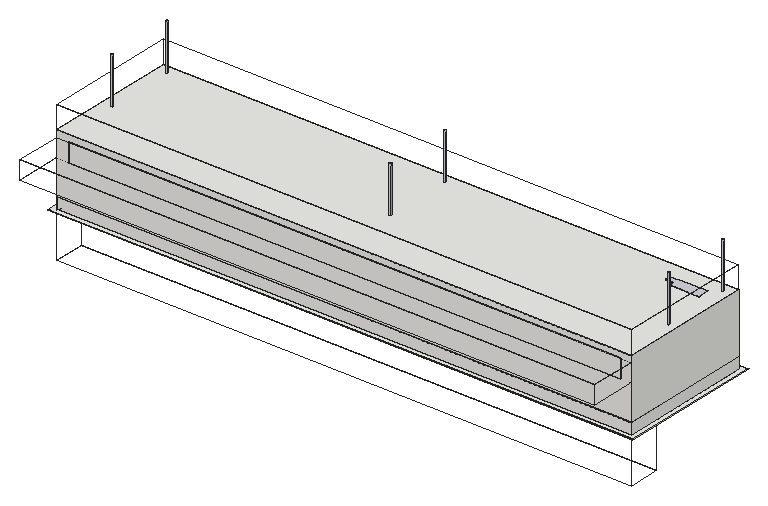
Revit family "AIRTECNICS_AIR CURTAIN_RECESSED DAM_AIR ONLY (A)123", category Mechanical Equipment, Revit 2016
Family settings
  Part Type = Normal
  Round Connector Dimension = Use Diameter
  OmniClass Number = 23.75.70.21.17
  OmniClass Title = Air Curtains
  Work Plane-Based = No
  Always vertical = Yes
  Cut with Voids When Loaded = No
  Shared = No
  Room Calculation Point = No
Parameters (values of type "RDAM ECM 2500 A")
  · OTHERS · [instance] = "-/ Select Supports - Inst.Maint. Space /-"  # constant formula
  · HEATING · [instance] = "-/ Heating /-"  # constant formula
  Weight [instance] = size_lookup(Name_Lookup_Data, "Weight", 1.00 kg, CM, CT)  # 93.00 kg
  Voltage [instance] = 230 V  # constant formula
  URL_Manufacturer = "https://www.airtecnics.com"
  URL_Datasheet = "https://www.airtecnics.com/download/file/1944/recessed-dam.pdf"
  Supports Length [instance] = 200.0 mm
  Supports (Horizontal) [instance] = yes
  Revit Version = "Revit 2016 - English"  # constant formula
  Review Date = "11/18"  # constant formula
  Remote Control = "IR-AIR"  # constant formula
  Product Size = if(CT = 2, "1000", if(CT = 4, "1500", if(CT = 8, "2000", if(CT = 16, "2500", "Consult Manufacturer"))))  # "2500"
  Product Reference [instance] = size_lookup(Name_Lookup_Ref, "", "Consult Manufacturer", CM, CT)  # "RDAM ECM 2500 A"
  Product Heating [instance] = "Air"  # constant formula
  Product Description [instance] = size_lookup(Name_Lookup_Data, "", "Consult Manufacturer", CM, CT)  # "Compact and low profile recessed air curtain with full grille view.\r\nSelf-supporting casing construction made of galvanized steel plate, ready to be installed recessed in a false ceiling. \r\nInlet grille (free of maintenance) made with aluminium profiles and blow-out nozzle, integrated in a single white frame colour RAL 9016. Other colours are available on request. \r\nDouble-inlet centrifugal fans driven by an external rotor motor and low noise level. 5-speed selector. EC models assembled with very low consumption efficiency fans. \r\n“A” type without heating, air only. \r\nIncludes Plug&Play control with 7m RJ45 cable and infrared remote control. Optional: Clever control (programmable, automatic, intelligent, energy saving, Modbus RTU for BMS…)\r\nAir Volume: 4600 m3/h \r\nFans:  0,355 kW  3,1 A 230Vx1 50/60Hz\r\nDimensions: 627x310x2548 mm (depth, height, length)"
  Power Fans Factor [instance] = size_lookup(Name_Lookup_Data, "Power Fans Factor", 1, CM, CT)  # 0.5
  Power Fans [instance] = size_lookup(Name_Lookup_Data, "Power Fans", 1 kW, CM, CT)  # 0.355 kW
  Noise Level (dB(A)) [instance] = size_lookup(Name_Lookup_Data, "Noise Level (dB(A))", 1, CM, CT)  # 59
  Name_Lookup_Ref = "R_DAM_(A)_Ref_Lookup"  # constant formula
  Name_Lookup_Data = "R_DAM_(A)_Data_Lookup"  # constant formula
  Material Curtain [instance] = AIRTECNICS_White RAL 9016
  M = yes
  Length = L + 48.0 mm + Depth - Depth  # 2548.0 mm
  IfcExportType = "CENTRIFUGALFORWARDCURVED"  # constant formula
  IfcExportAs = "IfcFanType"  # constant formula
  Height = 310.0 mm  # constant formula
  G = no
  Frequency = 50 Hz  # constant formula
  Fans Stage = 5  # constant formula
  Family Version = "1.0"  # constant formula
  EC = yes
  Depth = 627.0 mm  # constant formula
  Current Fans [instance] = size_lookup(Name_Lookup_Data, "Current Fans", 1 A, CM, CT)  # 3.1 A
  Created by = "BIMETRICAL"  # constant formula
  Control [instance] = "CA-5AW-IR"  # constant formula
  Cable = "CB7"  # constant formula
  URL = "https://www.airtecnics.com/products/air-curtain-recessed-dam"
  Model = "Air curtain Recessed DAM A"  # constant formula
  L = 2500.0 mm
  Type Image = <None>
  Manufacturer = "AIRTECNICS"  # constant formula
  Description = ""
  Type Comments = "Compact and low profile recessed air curtain with full grille view. Self-supporting casing construction made of galvanized steel plate, ready to be installed recessed in a false ceiling.\r\nInlet grille (free of maintenance) made with aluminium profiles and blow-out nozzle, integrated in a single white frame colour RAL 9016. Other colours are available on request.\r\nDouble-inlet centrifugal fans driven by an external rotor motor and low noise level. 5-speed selector. EC models assembled with very low consumption efficiency fans.\r\n“P” type with water heated coil. “E” type with electrical shielded elements, three stages with integrated regulation. “A” type without heating, air only. Optional expansion DX coil.\r\nIncludes Plug&Play control with 7m RJ45 cable and infrared remote control. Optional: Clever control (programmable, automatic, intelligent, energy saving, Modbus RTU for BMS…)\r\n"  # constant formula
  CT = if(L = 1000.0 mm, 2, 0) + if(L = 1500.0 mm, 4, 0) + if(L = 2000.0 mm, 8, 0) + if(L = 2500.0 mm, 16, 0)  # 16
  CM = if(M, 2, 0) + if(EC, 4, 0) + if(G, 8, 0)  # 6
  BIMETRICAL Category = "Fan"  # constant formula
  BIMETRICAL = "http://www.bimetrical.com/"  # constant formula
  Aspiration/Maintenance Space [instance] = yes
  Apparent Load [instance] = size_lookup(Name_Lookup_Data, "Apparent Load", 1 VA, CM, CT)  # 710 VA
  Airflow [instance] = size_lookup(Name_Lookup_Data, "Airflow", 1 m³/h, CM, CT)  # 4600 m³/h
  A [instance] = 1 = 1  # yes
Reference planes
  plane 1 "Centro (Frontal/Posterior)": z = 0
  plane 2: y = 246.57
  plane 3 "Centro (Izquierda/Derecha)": x = 0
Nested families
  nested 1: "GEOM_RECESSED DAM_(A-E-P)" at (0, 246.57, -2) x (-1, 0, 0) z (0, 0, 1), type "BASE"
    with VAMP4 no, VAMP1 no, P4 no, P3 no, P2 yes, P1 no, C_P 2, C_L 8, CH_4 398.5 mm, CH_3 218.8 mm, CH_2 100.5 mm, CH_1 91.2 mm, CC_4 431.5 mm, CC_3 33.0 mm, CC_2 138.5 mm, CC_1 277.2 mm, AH 90.00°, AC 90.00°
Connectors
  electrical at (1069.129, 446.424, 309), driven by "Voltage", driven by "Apparent Load", driven by "Power Fans Factor"
    settings: on nested 1, index 1, voltage 230 V, apparent load 710 VA, apparent load phase1 0 VA, apparent load phase2 0 VA, apparent load phase3 0 VA, power factor 0.5, load classification "HVAC", number of poles 1, system type 30, power factor state 1, is connector primary yes, connector utility no, sub classification motor no, connector description ""
Definition of nested family "GEOM_RECESSED DAM_(A-E-P)"
  Parameters (values of type "BASE")
    VSUP2 = if(and(Supports Length > 0.0 mm, L > 1000.0 mm, [Supports (Horizontal)]), 1 = 1, 1 = 0)  # yes
    VSUP1 = if(and(Supports Length > 0.0 mm, [Supports (Horizontal)]), 1 = 1, 1 = 0)  # yes
    VAMP4 [instance] = if(and(P, P4, [Aspiration/Maintenance Space]), 1 = 1, 1 = 0)  # no
    VAMP1 [instance] = if(and(P, P1, [Aspiration/Maintenance Space]), 1 = 1, 1 = 0)  # no
    Supports Length = 200.0 mm
    Supports (Horizontal) = yes
    Revit Version = "Revit 2016 - English"  # constant formula
    Review Date = "11/2018"  # constant formula
    P4 [instance] = no
    P3 [instance] = no
    P2 [instance] = not(or(P1, P3, P4))  # yes
    P1 [instance] = no
    P = yes
    Name_CH = "CH_Dimensions_Lookup"  # constant formula
    Name_CC = "CC_Dimensions_Lookup"  # constant formula
    N = if(L = 1000.0 mm, 5, if(L = 1500.0 mm, 7, if(L = 2000.0 mm, 9, 11)))  # 11
    Model = "RECESSED DAM"  # constant formula
    Material Curtain = none
    Manufacturer = "AIRTECNICS"  # constant formula
    L_sup = if(Supports Length = 0.0 mm, 1.0 mm, Supports Length)  # 200.0 mm
    L3 = if(L = 1000.0 mm, 227.0 mm, if(L = 1500.0 mm, 234.8 mm, if(L = 2000.0 mm, 238.5 mm, 240.8 mm)))  # 240.8 mm
    L2 = if(L = 1000.0 mm, 51.75 mm, if(L = 1500.0 mm, 46.75 mm, if(L = 2000.0 mm, 40.0 mm, 49.5 mm)))  # 49.5 mm
    L1 = L + 48.0 mm  # 2548.0 mm
    L = 2500.0 mm
    Family Version = "1.0"  # constant formula
    D_Con = 20.00 mm
    Created by = "BIMETRICAL"  # constant formula
    C_P [instance] = if(P1, 1, 0) + if(P2, 2, 0) + if(P3, 4, 0) + if(P4, 8, 0)  # 2
    C_L [instance] = if(L = 1500.0 mm, 2, 0) + if(L = 2000.0 mm, 4, 0) + if(L = 2500.0 mm, 8, 0)  # 8
    CH_4 [instance] = size_lookup(Name_CH, "CH_4", 398.5 mm, C_L, C_P)  # 398.5 mm
    CH_3 [instance] = size_lookup(Name_CH, "CH_3", 218.8 mm, C_L, C_P)  # 218.8 mm
    CH_2 [instance] = size_lookup(Name_CH, "CH_2", 100.5 mm, C_L, C_P)  # 100.5 mm
    CH_1 [instance] = size_lookup(Name_CH, "CH_1", 91.2 mm, C_L, C_P)  # 91.2 mm
    CC_4 [instance] = size_lookup(Name_CC, "CC_4", 431.5 mm, C_L, C_P)  # 431.5 mm
    CC_3 [instance] = size_lookup(Name_CC, "CC_3", 33.0 mm, C_L, C_P)  # 33.0 mm
    CC_2 [instance] = size_lookup(Name_CC, "CC_2", 138.5 mm, C_L, C_P)  # 138.5 mm
    CC_1 [instance] = size_lookup(Name_CC, "CC_1", 277.2 mm, C_L, C_P)  # 277.2 mm
    C = if(L = 1000.0 mm, 227.75 mm, if(L = 1500.0 mm, 235.1 mm, 238.88 mm))  # 238.88 mm
    BIMETRICAL = "http://www.bimetrical.com/"  # constant formula
    B1 = 1.5 mm
    B = 1.0 mm
    Aspiration/Maintenance Space = yes
    AH [instance] = size_lookup(Name_CH, "AH", 90.00°, C_L, C_P)  # 90.00°
    AC [instance] = size_lookup(Name_CC, "AC", 90.00°, C_L, C_P)  # 90.00°
    A1 = L - 62.0 mm  # 2438.0 mm
    A = 197.8 mm
  Reference planes
    plane 1 "Centro (Frontal/Posterior)": y = 0
    plane 2: z = 0
    plane 3 "Centro (Izquierda/Derecha)": x = 0
    plane 4: y = 313.5
    plane 5: y = -313.5
    plane 6: y = 290
    plane 7: y = -290
    plane 8: z = 310
    plane 9: z = 50
    plane 10: z = 2
    plane 11: x = -1273.5
    plane 12: x = -1250
    plane 13: x = 1273.5
    plane 14: x = 1250
    plane 15: y = -256
    plane 16: y = 41
    plane 17: x = -1210
    plane 18: x = 1210
    plane 19: y = 41
    plane 20: y = -256
    plane 21: y = 170
    plane 22: z = 25
    plane 23: z = 17
    plane 24: x = -1207.5
    plane 25: x = -1203.5
    plane 26: x = -1205.5
    plane 27: x = -966.7
    plane 28: x = -962.7
    plane 29: x = -964.7
    plane 30: x = -725.9
    plane 31: x = -721.9
    plane 32: x = -723.9
    plane 33: x = -485.1
    plane 34: x = -481.1
    plane 35: x = -483.1
    plane 36: x = -244.3
    plane 37: x = -240.3
    plane 38: x = -242.3
    plane 39: x = 1273.5
    plane 40: x = 1135
    plane 41: x = 1173
    plane 42: y = 85
    plane 43: y = 118
    plane 44: z = 277.2
    plane 45: z = 91.2
    plane 46: x = -3.5
    plane 47: x = 0.5
    plane 48: x = -1.5
    plane 49: x = 237.3
    plane 50: x = 241.3
    plane 51: x = 239.3
    plane 52: x = 478.1
    plane 53: x = 482.1
    plane 54: x = 480.1
    plane 55: x = 718.9
    plane 56: x = 722.9
    plane 57: x = 720.9
    plane 58: x = 959.7
    plane 59: x = 963.7
    plane 60: x = 961.7
    plane 61: x = 1200.5
    plane 62: x = 1204.5
    plane 63: x = 1202.5
  Forms (mm)
    Sweep 1, solid, material <- "Material Curtain"
      path origin (0, 0, 0) x (1, 0, 0) y (0, 1, 0)
        loop
          line (-1273.5, 313.5) -> (-1273.5, -313.5) -> (1273.5, -313.5) -> (1273.5, 313.5) -> (-1273.5, 313.5)
      profile origin (-1273.5, 0, 0) x (-1, 0, 0) y (0, 0, 1)
        loop
          line (0, 0) -> (0, 2) -> (-22, 2) -> (-22, 50) -> (-23.5, 50) -> (-23.5, 0) -> (0, 0)
    Extrusion 2, solid, material <- "Material Curtain"
      sketch origin (0, 0, 0) x (1, 0, 0) y (0, 1, 0)
        loop
          line (-1250, 290) -> (-1250, -290) -> (1250, -290) -> (1250, 290) -> (-1250, 290)
      from 50 to 310
    Extrusion 3, solid, visible <- "VSUP1"
      sketch origin (-1376.546, -1524, 310) x (-1, 0, 0) y (0, -1, 0)
        loop
          circle (-166.546, -1565) r 4
        loop
          circle (-166.546, -1268) r 4
        loop
          circle (-2586.546, -1268) r 4
        loop
          circle (-2586.546, -1565) r 4
      from -1 to 200
    Extrusion 4, solid, visible <- "VSUP2"
      sketch origin (-1376.546, -1524, 310) x (-1, 0, 0) y (0, -1, 0)
        loop
          circle (-1376.546, -1565) r 4
        loop
          circle (-1376.546, -1268) r 4
      from 0 to 200
    Extrusion 5, void
      sketch origin (-1802.24, 290, 1200) x (-1, 0, 0) y (0, 0, 1)
        loop
          line (-3002.74, -918.496) -> (-3002.74, -998.496) -> (-1802.24, -998.496) -> (-601.74, -998.496) -> (-601.74, -918.496) -> (-1802.24, -918.496) -> (-3002.74, -918.496)
      from 0 to -5
    Extrusion 6, solid
      sketch origin (-1802.24, 290, 1200) x (-1, 0, 0) y (0, 0, 1)
        loop
          line (-3002.74, -918.496) -> (-3002.74, -998.496) -> (-1802.24, -998.496) -> (-601.74, -998.496) -> (-601.74, -918.496) -> (-1802.24, -918.496) -> (-3002.74, -918.496)
      from 0 to -1
    Extrusion 7, solid
      sketch origin (1250, 311.264, 1200) x (0, 1, 0) y (0, 0, -1)
        loop
          line (-82.767, 1195.605) -> (-98.673, 1183.4) -> (-98.673, 1173.4) -> (-97.373, 1173.4) -> (-97.373, 1182.759) -> (-82.371, 1194.27)
          arc (-82.371, 1194.27) -> (-78.603, 1196.427) -> (-74.325, 1197.164) r 12.5
          arc (-74.325, 1197.164) -> (-73.675, 1197.864) -> (-74.424, 1198.456) r 0.65
          arc (-74.424, 1198.456) -> (-78.829, 1197.715) -> (-82.767, 1195.605) r 13.8
        loop
          line (-59.967, 1195.605) -> (-75.873, 1183.4) -> (-75.873, 1173.4) -> (-74.573, 1173.4) -> (-74.573, 1182.759) -> (-59.571, 1194.27)
          arc (-59.571, 1194.27) -> (-55.803, 1196.427) -> (-51.525, 1197.164) r 12.5
          arc (-51.525, 1197.164) -> (-50.875, 1197.864) -> (-51.624, 1198.456) r 0.65
          arc (-51.624, 1198.456) -> (-56.029, 1197.715) -> (-59.967, 1195.605) r 13.8
        loop
          line (-151.167, 1195.605) -> (-167.073, 1183.4) -> (-167.073, 1173.4) -> (-165.773, 1173.4) -> (-165.773, 1182.759) -> (-150.771, 1194.27)
          arc (-150.771, 1194.27) -> (-147.003, 1196.427) -> (-142.725, 1197.164) r 12.5
          arc (-142.725, 1197.164) -> (-142.075, 1197.864) -> (-142.824, 1198.456) r 0.65
          arc (-142.824, 1198.456) -> (-147.229, 1197.715) -> (-151.167, 1195.605) r 13.8
        loop
          line (-128.367, 1195.605) -> (-144.273, 1183.4) -> (-144.273, 1173.4) -> (-142.973, 1173.4) -> (-142.973, 1182.759) -> (-127.971, 1194.27)
          arc (-127.971, 1194.27) -> (-124.203, 1196.427) -> (-119.925, 1197.164) r 12.5
          arc (-119.925, 1197.164) -> (-119.275, 1197.864) -> (-120.024, 1198.456) r 0.65
          arc (-120.024, 1198.456) -> (-124.429, 1197.715) -> (-128.367, 1195.605) r 13.8
        loop
          line (-105.567, 1195.605) -> (-121.473, 1183.4) -> (-121.473, 1173.4) -> (-120.173, 1173.4) -> (-120.173, 1182.759) -> (-105.171, 1194.27)
          arc (-105.171, 1194.27) -> (-101.403, 1196.427) -> (-97.125, 1197.164) r 12.5
          arc (-97.125, 1197.164) -> (-96.475, 1197.864) -> (-97.224, 1198.456) r 0.65
          arc (-97.224, 1198.456) -> (-101.629, 1197.715) -> (-105.567, 1195.605) r 13.8
        loop
          line (-219.567, 1195.605) -> (-235.473, 1183.4) -> (-235.473, 1173.4) -> (-234.173, 1173.4) -> (-234.173, 1182.759) -> (-219.171, 1194.27)
          arc (-219.171, 1194.27) -> (-215.403, 1196.427) -> (-211.125, 1197.164) r 12.5
          arc (-211.125, 1197.164) -> (-210.475, 1197.864) -> (-211.224, 1198.456) r 0.65
          arc (-211.224, 1198.456) -> (-215.629, 1197.715) -> (-219.567, 1195.605) r 13.8
        loop
          line (-196.767, 1195.605) -> (-212.673, 1183.4) -> (-212.673, 1173.4) -> (-211.373, 1173.4) -> (-211.373, 1182.759) -> (-196.371, 1194.27)
          arc (-196.371, 1194.27) -> (-192.603, 1196.427) -> (-188.325, 1197.164) r 12.5
          arc (-188.325, 1197.164) -> (-187.675, 1197.864) -> (-188.424, 1198.456) r 0.65
          arc (-188.424, 1198.456) -> (-192.829, 1197.715) -> (-196.767, 1195.605) r 13.8
        loop
          line (-173.967, 1195.605) -> (-189.873, 1183.4) -> (-189.873, 1173.4) -> (-188.573, 1173.4) -> (-188.573, 1182.759) -> (-173.571, 1194.27)
          arc (-173.571, 1194.27) -> (-169.803, 1196.427) -> (-165.525, 1197.164) r 12.5
          arc (-165.525, 1197.164) -> (-164.875, 1197.864) -> (-165.624, 1198.456) r 0.65
          arc (-165.624, 1198.456) -> (-170.029, 1197.715) -> (-173.967, 1195.605) r 13.8
        loop
          line (-287.967, 1195.605) -> (-303.873, 1183.4) -> (-303.873, 1173.4) -> (-302.573, 1173.4) -> (-302.573, 1182.759) -> (-287.571, 1194.27)
          arc (-287.571, 1194.27) -> (-283.803, 1196.427) -> (-279.525, 1197.164) r 12.5
          arc (-279.525, 1197.164) -> (-278.875, 1197.864) -> (-279.624, 1198.456) r 0.65
          arc (-279.624, 1198.456) -> (-284.029, 1197.715) -> (-287.967, 1195.605) r 13.8
        loop
          line (-265.167, 1195.605) -> (-281.073, 1183.4) -> (-281.073, 1173.4) -> (-279.773, 1173.4) -> (-279.773, 1182.759) -> (-264.771, 1194.27)
          arc (-264.771, 1194.27) -> (-261.003, 1196.427) -> (-256.725, 1197.164) r 12.5
          arc (-256.725, 1197.164) -> (-256.075, 1197.864) -> (-256.824, 1198.456) r 0.65
          arc (-256.824, 1198.456) -> (-261.229, 1197.715) -> (-265.167, 1195.605) r 13.8
        loop
          line (-242.367, 1195.605) -> (-258.273, 1183.4) -> (-258.273, 1173.4) -> (-256.973, 1173.4) -> (-256.973, 1182.759) -> (-241.971, 1194.27)
          arc (-241.971, 1194.27) -> (-238.203, 1196.427) -> (-233.925, 1197.164) r 12.5
          arc (-233.925, 1197.164) -> (-233.275, 1197.864) -> (-234.024, 1198.456) r 0.65
          arc (-234.024, 1198.456) -> (-238.429, 1197.715) -> (-242.367, 1195.605) r 13.8
        loop
          line (-356.367, 1195.605) -> (-372.273, 1183.4) -> (-372.273, 1173.4) -> (-370.973, 1173.4) -> (-370.973, 1182.759) -> (-355.971, 1194.27)
          arc (-355.971, 1194.27) -> (-352.203, 1196.427) -> (-347.925, 1197.164) r 12.5
          arc (-347.925, 1197.164) -> (-347.275, 1197.864) -> (-348.024, 1198.456) r 0.65
          arc (-348.024, 1198.456) -> (-352.429, 1197.715) -> (-356.367, 1195.605) r 13.8
        loop
          line (-333.567, 1195.605) -> (-349.473, 1183.4) -> (-349.473, 1173.4) -> (-348.173, 1173.4) -> (-348.173, 1182.759) -> (-333.171, 1194.27)
          arc (-333.171, 1194.27) -> (-329.403, 1196.427) -> (-325.125, 1197.164) r 12.5
          arc (-325.125, 1197.164) -> (-324.475, 1197.864) -> (-325.224, 1198.456) r 0.65
          arc (-325.224, 1198.456) -> (-329.629, 1197.715) -> (-333.567, 1195.605) r 13.8
        loop
          line (-310.767, 1195.605) -> (-326.673, 1183.4) -> (-326.673, 1173.4) -> (-325.373, 1173.4) -> (-325.373, 1182.759) -> (-310.371, 1194.27)
          arc (-310.371, 1194.27) -> (-306.603, 1196.427) -> (-302.325, 1197.164) r 12.5
          arc (-302.325, 1197.164) -> (-301.675, 1197.864) -> (-302.424, 1198.456) r 0.65
          arc (-302.424, 1198.456) -> (-306.829, 1197.715) -> (-310.767, 1195.605) r 13.8
        loop
          line (-424.767, 1195.605) -> (-440.673, 1183.4) -> (-440.673, 1173.4) -> (-439.373, 1173.4) -> (-439.373, 1182.759) -> (-424.371, 1194.27)
          arc (-424.371, 1194.27) -> (-420.603, 1196.427) -> (-416.325, 1197.164) r 12.5
          arc (-416.325, 1197.164) -> (-415.675, 1197.864) -> (-416.424, 1198.456) r 0.65
          arc (-416.424, 1198.456) -> (-420.829, 1197.715) -> (-424.767, 1195.605) r 13.8
        loop
          line (-401.967, 1195.605) -> (-417.873, 1183.4) -> (-417.873, 1173.4) -> (-416.573, 1173.4) -> (-416.573, 1182.759) -> (-401.571, 1194.27)
          arc (-401.571, 1194.27) -> (-397.803, 1196.427) -> (-393.525, 1197.164) r 12.5
          arc (-393.525, 1197.164) -> (-392.875, 1197.864) -> (-393.624, 1198.456) r 0.65
          arc (-393.624, 1198.456) -> (-398.029, 1197.715) -> (-401.967, 1195.605) r 13.8
        loop
          line (-379.167, 1195.605) -> (-395.073, 1183.4) -> (-395.073, 1173.4) -> (-393.773, 1173.4) -> (-393.773, 1182.759) -> (-378.771, 1194.27)
          arc (-378.771, 1194.27) -> (-375.003, 1196.427) -> (-370.725, 1197.164) r 12.5
          arc (-370.725, 1197.164) -> (-370.075, 1197.864) -> (-370.824, 1198.456) r 0.65
          arc (-370.824, 1198.456) -> (-375.229, 1197.715) -> (-379.167, 1195.605) r 13.8
        loop
          line (-447.567, 1195.605) -> (-463.473, 1183.4) -> (-463.473, 1173.4) -> (-462.173, 1173.4) -> (-462.173, 1182.759) -> (-447.171, 1194.27)
          arc (-447.171, 1194.27) -> (-443.403, 1196.427) -> (-439.125, 1197.164) r 12.5
          arc (-439.125, 1197.164) -> (-438.475, 1197.864) -> (-439.224, 1198.456) r 0.65
          arc (-439.224, 1198.456) -> (-443.629, 1197.715) -> (-447.567, 1195.605) r 13.8
        loop
          line (-493.167, 1195.605) -> (-509.073, 1183.4) -> (-509.073, 1198.4) -> (-512.073, 1198.4) -> (-512.073, 1153) -> (-509.073, 1153) -> (-509.073, 1173.4) -> (-507.773, 1173.4) -> (-507.773, 1182.759) -> (-492.771, 1194.27)
          arc (-492.771, 1194.27) -> (-489.003, 1196.427) -> (-484.725, 1197.164) r 12.5
          arc (-484.725, 1197.164) -> (-484.075, 1197.864) -> (-484.824, 1198.456) r 0.65
          arc (-484.824, 1198.456) -> (-489.229, 1197.715) -> (-493.167, 1195.605) r 13.8
        loop
          line (-470.367, 1195.605) -> (-486.273, 1183.4) -> (-486.273, 1173.4) -> (-484.973, 1173.4) -> (-484.973, 1182.759) -> (-469.971, 1194.27)
          arc (-469.971, 1194.27) -> (-466.203, 1196.427) -> (-461.925, 1197.164) r 12.5
          arc (-461.925, 1197.164) -> (-461.275, 1197.864) -> (-462.024, 1198.456) r 0.65
          arc (-462.024, 1198.456) -> (-466.429, 1197.715) -> (-470.367, 1195.605) r 13.8
        loop
          line (-37.167, 1195.605) -> (-53.073, 1183.4) -> (-53.073, 1173.4) -> (-51.773, 1173.4) -> (-51.773, 1182.759) -> (-36.771, 1194.27)
          arc (-36.771, 1194.27) -> (-33.003, 1196.427) -> (-28.725, 1197.164) r 12.5
          arc (-28.725, 1197.164) -> (-28.075, 1197.864) -> (-28.824, 1198.456) r 0.65
          arc (-28.824, 1198.456) -> (-33.229, 1197.715) -> (-37.167, 1195.605) r 13.8
        loop
          line (-523.813, 1198.4) -> (-526.813, 1198.4) -> (-526.813, 1173.4) -> (-523.813, 1173.4) -> (-523.813, 1198.4)
        loop
          line (-538.553, 1198.4) -> (-541.553, 1198.4) -> (-541.553, 1173.4) -> (-538.553, 1173.4) -> (-538.553, 1198.4)
        loop
          line (-553.293, 1198.4) -> (-556.293, 1198.4) -> (-556.293, 1173.4) -> (-553.293, 1173.4) -> (-553.293, 1198.4)
        loop
          line (-568.033, 1198.4) -> (-571.033, 1198.4) -> (-571.033, 1183.25) -> (-571.033, 1174.75) -> (-571.033, 1173.4) -> (-568.033, 1173.4) -> (-568.033, 1175.384) -> (-568.033, 1182.616) -> (-568.033, 1198.4)
        loop
          line (-582.768, 1198.4) -> (-585.768, 1198.4) -> (-585.768, 1175) -> (-585.768, 1153) -> (-582.768, 1153) -> (-582.768, 1175) -> (-582.768, 1198.4)
      from 0 to 2500
    Extrusion 8, solid, material <- "Material Curtain"
      sketch origin (0, 0, 0) x (1, 0, 0) y (0, 1, 0)
        loop
          line (-1203.5, 286.998) -> (-1207.5, 286.998) -> (-1207.5, -287.002) -> (-1203.5, -287.002) -> (-1203.5, 286.998)
      from 17 to 25
    Extrusion 9, solid, material <- "Material Curtain"
      sketch origin (240.8, 0, 0) x (1, 0, 0) y (0, 1, 0)
        loop
          line (-1203.5, 286.998) -> (-1207.5, 286.998) -> (-1207.5, -287.002) -> (-1203.5, -287.002) -> (-1203.5, 286.998)
      from 17 to 25
    Extrusion 10, solid, material <- "Material Curtain"
      sketch origin (481.6, 0, 0) x (1, 0, 0) y (0, 1, 0)
        loop
          line (-1203.5, 286.998) -> (-1207.5, 286.998) -> (-1207.5, -287.002) -> (-1203.5, -287.002) -> (-1203.5, 286.998)
      from 17 to 25
    Extrusion 11, solid, material <- "Material Curtain"
      sketch origin (722.4, 0, 0) x (1, 0, 0) y (0, 1, 0)
        loop
          line (-1203.5, 286.998) -> (-1207.5, 286.998) -> (-1207.5, -287.002) -> (-1203.5, -287.002) -> (-1203.5, 286.998)
      from 17 to 25
    Extrusion 12, solid, material <- "Material Curtain"
      sketch origin (963.2, 0, 0) x (1, 0, 0) y (0, 1, 0)
        loop
          line (-1203.5, 286.998) -> (-1207.5, 286.998) -> (-1207.5, -287.002) -> (-1203.5, -287.002) -> (-1203.5, 286.998)
      from 17 to 25
    Extrusion 13, solid, visible <- "P"
      sketch origin (1171.923, 82.636, 310) x (0, -1, 0) y (1, 0, 0)
        loop
          circle (-2.364, 1.077) r 10
      from 0 to 15
    Extrusion 14, solid, visible <- "P"
      sketch origin (1135.562, 119.477, 310.2) x (0, -1, 0) y (1, 0, 0)
        loop
          circle (1.477, -0.562) r 10
      from 0 to 15
    Extrusion 15, solid
      sketch origin (-1376.546, -1524, 310) x (-1, 0, 0) y (0, -1, 0)
        loop
          line (-330.042, -1353.296) -> (-202.542, -1353.296) -> (-202.542, -1303.996) -> (-330.042, -1303.996) -> (-330.042, -1307.996) -> (-367.042, -1307.996) -> (-367.042, -1331.296) -> (-330.042, -1331.296) -> (-330.042, -1353.296)
      from 0 to 1
    Extrusion 16, solid, visible <- "VAMP1"
      sketch origin (1250, 311.264, 1200) x (0, 1, 0) y (0, 0, -1)
        loop
          line (-601.264, 890) -> (-21.264, 890) -> (-21.264, 1150) -> (-601.264, 1150) -> (-601.264, 890)
      from 0 to -100
    Extrusion 17, solid, visible <- "VAMP4"
      sketch origin (-1250, 311.264, 1200) x (0, 1, 0) y (0, 0, 1)
        loop
          line (-601.264, -890) -> (-601.264, -1150) -> (-21.264, -1150) -> (-21.264, -890) -> (-601.264, -890)
      from 0 to -100
    Extrusion 18, solid, visible <- "Aspiration/Maintenance Space"
      sketch origin (-1802.24, 290, 1200) x (-1, 0, 0) y (0, 0, 1)
        loop
          line (-3052.24, -918.496) -> (-3052.24, -998.496) -> (-552.24, -998.496) -> (-552.24, -918.496) -> (-3052.24, -918.496)
      from 0 to 200
    Extrusion 19, solid, visible <- "Aspiration/Maintenance Space"
      sketch origin (-1250, 311.264, 1200) x (0, 1, 0) y (0, 0, 1)
        loop
          line (-601.264, -890) -> (-21.264, -890) -> (-21.264, -790) -> (-601.264, -790) -> (-601.264, -890)
      from 0 to 2500
    Extrusion 20, solid, visible <- "Aspiration/Maintenance Space"
      sketch origin (1250, 311.264, 1200) x (0, 1, 0) y (0, 0, -1)
        loop
          line (-21.264, 1200) -> (-21.264, 1400) -> (-157.264, 1400) -> (-157.264, 1200) -> (-21.264, 1200)
      from 0 to 2500
    Extrusion 21, solid, material <- "Material Curtain"
      sketch origin (1204, 0, 0) x (1, 0, 0) y (0, 1, 0)
        loop
          line (-1203.5, 286.998) -> (-1207.5, 286.998) -> (-1207.5, -287.002) -> (-1203.5, -287.002) -> (-1203.5, 286.998)
      from 17 to 25
    Extrusion 22, solid, material <- "Material Curtain"
      sketch origin (1444.8, 0, 0) x (1, 0, 0) y (0, 1, 0)
        loop
          line (-1203.5, 286.998) -> (-1207.5, 286.998) -> (-1207.5, -287.002) -> (-1203.5, -287.002) -> (-1203.5, 286.998)
      from 17 to 25
    Extrusion 23, solid, material <- "Material Curtain"
      sketch origin (1685.6, 0, 0) x (1, 0, 0) y (0, 1, 0)
        loop
          line (-1203.5, 286.998) -> (-1207.5, 286.998) -> (-1207.5, -287.002) -> (-1203.5, -287.002) -> (-1203.5, 286.998)
      from 17 to 25
    Extrusion 24, solid, material <- "Material Curtain"
      sketch origin (1926.4, 0, 0) x (1, 0, 0) y (0, 1, 0)
        loop
          line (-1203.5, 286.998) -> (-1207.5, 286.998) -> (-1207.5, -287.002) -> (-1203.5, -287.002) -> (-1203.5, 286.998)
      from 17 to 25
    Extrusion 25, solid, material <- "Material Curtain"
      sketch origin (2167.2, 0, 0) x (1, 0, 0) y (0, 1, 0)
        loop
          line (-1203.5, 286.998) -> (-1207.5, 286.998) -> (-1207.5, -287.002) -> (-1203.5, -287.002) -> (-1203.5, 286.998)
      from 17 to 25
    Extrusion 26, solid, material <- "Material Curtain"
      sketch origin (2408, 0, 0) x (1, 0, 0) y (0, 1, 0)
        loop
          line (-1203.5, 286.998) -> (-1207.5, 286.998) -> (-1207.5, -287.002) -> (-1203.5, -287.002) -> (-1203.5, 286.998)
      from 17 to 25
  Cuts and joins
    Extrusion 5 cuts Extrusion 2
  Lines and regions (mm)
    symbolic lines
      curve 1: line (-1273.5, 313.5, 310) -> (1273.5, 313.5, 310)
      curve 2: line (-1273.5, -313.5, 310) -> (-1273.5, 313.5, 310)
      curve 3: line (1273.5, -313.5, 310) -> (-1273.5, -313.5, 310)
      curve 4: line (1273.5, 313.5, 310) -> (1273.5, -313.5, 310)
      curve 5: line (1250, -290, 310) -> (-1250, -290, 310)
      curve 6: line (1250, 290, 310) -> (1250, -290, 310)
      curve 7: line (-1250, 290, 310) -> (1250, 290, 310)
      curve 8: line (-1250, -290, 310) -> (-1250, 290, 310)
    reference lines
      curve 9: line (1135, 118, 277.2) -> (1135, 118, 310.2)
      curve 10: line (1173, 85, 91.2) -> (1173, 85, 310)
    symbolic lines, visible <- "VAMP4"
      curve 11: line (-1250, -290, 310) -> (-1350, -290, 310)
      curve 12: line (-1350, -290, 310) -> (-1350, 290, 310)
      curve 13: line (-1350, 290, 310) -> (-1250, 290, 310)
      curve 23: line (-1250, 0, 50) -> (-1350, 0, 50)
      curve 24: line (-1350, 0, 50) -> (-1350, 0, 310)
      curve 25: line (-1350, 0, 310) -> (-1250, 0, 310)
    symbolic lines, visible <- "VAMP1"
      curve 14: line (1250, 290, 310) -> (1350, 290, 310)
      curve 15: line (1350, 290, 310) -> (1350, -290, 310)
      curve 16: line (1350, -290, 310) -> (1250, -290, 310)
      curve 20: line (1250, 0, 310) -> (1350, 0, 310)
      curve 21: line (1350, 0, 310) -> (1350, 0, 50)
      curve 22: line (1350, 0, 50) -> (1250, 0, 50)
    symbolic lines, visible <- "Aspiration/Maintenance Space"
      curve 17: line (-1250, 290, 310) -> (-1250, 490, 310)
      curve 18: line (-1250, 490, 310) -> (1250, 490, 310)
      curve 19: line (1250, 490, 310) -> (1250, 290, 310)
      curve 26: line (-1250, 0, 0) -> (-1250, 0, -200)
      curve 27: line (-1250, 0, -200) -> (1250, 0, -200)
      curve 28: line (1250, 0, -200) -> (1250, 0, 0)
      curve 29: line (-1250, 0, 310) -> (-1250, 0, 410)
      curve 30: line (-1250, 0, 410) -> (1250, 0, 410)
      curve 31: line (1250, 0, 410) -> (1250, 0, 310)
      curve 32: line (1250, 289, 281.504) -> (1250, 490, 281.504)
      curve 33: line (1250, 490, 281.504) -> (1250, 490, 201.504)
      curve 34: line (1250, 490, 201.504) -> (1250, 290, 201.504)
      curve 35: line (1250, 290, 310) -> (1250, 290, 410)
      curve 36: line (1250, 290, 410) -> (1250, -290, 410)
      curve 37: line (1250, -290, 410) -> (1250, -290, 310)
      curve 38: line (1250, 290, 0) -> (1250, 290, -200)
      curve 39: line (1250, 290, -200) -> (1250, 154, -200)
      curve 40: line (1250, 154, -200) -> (1250, 154, 0)
    symbolic lines, visible <- "VSUP1"
      curve 41: circle (-1210, 41, 310) r 4 normal (0, 0, 1)
      curve 42: circle (-1210, -256, 310) r 4 normal (0, 0, 1)
      curve 43: circle (1210, -256, 310) r 4 normal (0, 0, 1)
      curve 44: circle (1210, 41, 310) r 4 normal (0, 0, 1)
    symbolic lines, visible <- "VSUP2"
      curve 45: circle (0, 41, 310) r 4 normal (0, 0, 1)
      curve 46: circle (0, -256, 310) r 4 normal (0, 0, 1)
  Dimensions and locks
    locked: plane 4 to plane 6 at 23.5
    locked: plane 5 to plane 7 at 23.5
    locked: plane 11 to plane 12 at 23.5
    locked: plane 13 to plane 14 at 23.5
    equal spacing: plane 12, plane 3 "Centro (Izquierda/Derecha)", plane 14
    "L": plane 12 to plane 14
    equal spacing: plane 4, plane 1 "Centro (Frontal/Posterior)", plane 5
    locked: plane 5 to plane 4 at 627
    locked: plane 9 to level at 50
    locked: plane 8 to level at 310
    locked: plane 7 to plane 15 at 34
    locked: plane 16 to plane 15 at 297
    locked: plane 12 to plane 17 at 40
    locked: plane 18 to plane 14 at 40
    locked: plane 20 to plane 7 at 34
    locked: plane 19 to plane 20 at 297
    "Supports Length": Extrusion 3 to plane 8
    "Supports Length": Extrusion 4 to plane 8
    plane 8 to plane 9 = 260.0 mm
    plane 4 to plane 5 = 627.0 mm
    locked: plane 6 to plane 21 at 120
    "L2": Extrusion 5 sketch curve to plane 14
    Extrusion 5 sketch curve to plane 8 = 28.496 mm
    plane 4 to plane 1 "Centro (Frontal/Posterior)" to plane 5 = 313.5 mm, 313.5 mm
    locked: Extrusion 5 sketch curve to Extrusion 5 sketch curve at 80
    locked: plane 9 to Extrusion 6 sketch curve at 151.504
    locked: Extrusion 6 sketch curve to plane 8 at 28.496
    Extrusion 6 sketch curve to Extrusion 6 sketch curve = 80.0 mm
    locked: plane 23 to Extrusion 7 at 9.6
    locked: plane 22 to Extrusion 7 at 1.6
    equal spacing: plane 24, plane 26, plane 25
    locked: plane 12 to plane 26 at 44.5
    equal spacing: plane 27, plane 29, plane 28
    equal spacing: group 1, group 2, group 3, group 4, group 5, group 6, group 7, group 8, group 9, group 10, group 11  (x3)
    equal spacing: plane 30, plane 32, plane 31
    "L3": plane 26 to plane 29
    equal spacing: plane 33, plane 35, plane 34
    equal spacing: plane 36, plane 38, plane 37
    locked: plane 14 to plane 39 at 23.5
    "CH_2": plane 41 to plane 39
    "CC_2": plane 40 to plane 39
    "CC_4": plane 5 to plane 43
    "CH_4": plane 5 to plane 42
    "CH_1": level to plane 45
    "CC_1": level to plane 44
    "CC_3": curve 9 to curve 9
    "CH_3": curve 10 to curve 10
    Sweep 1 to Extrusion 15 sketch curve to Extrusion 15 sketch curve to Extrusion 15 sketch curve = 99.496 mm locked, 127.5 mm locked, 37.0 mm locked
    locked: Extrusion 19 sketch curve to Extrusion 19 sketch curve at 100
    locked: Extrusion 20 sketch curve to Extrusion 20 sketch curve at 136
    locked: level to Extrusion 20 sketch curve at 200
    equal spacing: Extrusion 5 sketch curve, plane 3 "Centro (Izquierda/Derecha)", Extrusion 5 sketch curve
    equal spacing: Extrusion 6 sketch curve, plane 3 "Centro (Izquierda/Derecha)", Extrusion 6 sketch curve
    "L2": Extrusion 6 sketch curve to plane 14
    equal spacing: plane 46, plane 48, plane 47
    equal spacing: plane 49, plane 51, plane 50
    equal spacing: plane 52, plane 54, plane 53
    equal spacing: plane 55, plane 57, plane 56
    equal spacing: plane 58, plane 60, plane 59
    equal spacing: plane 61, plane 63, plane 62
    "D_Con": diameter of Extrusion 13 sketch curve
    "D_Con": diameter of Extrusion 14 sketch curve
    "AC": angle plane 44 to curve 9
    "AH": angle plane 45 to curve 10
    aligned and locked: level to plane 2
    aligned and locked: Sweep 1 sketch curve to plane 4
    aligned and locked: plane 11 to Sweep 1 sketch curve
    aligned and locked: Sweep 1 sketch curve to plane 5
    aligned and locked: Sweep 1 sketch curve to plane 13
    aligned and locked: Extrusion 2 sketch curve to plane 6
    aligned and locked: plane 12 to Extrusion 2 sketch curve
    aligned and locked: Extrusion 2 sketch curve to plane 7
    aligned and locked: plane 14 to Extrusion 2 sketch curve
    aligned and locked: Extrusion 2 to plane 9
    aligned and locked: plane 17 to Extrusion 3 sketch curve  (x2)
    aligned and locked: plane 18 to Extrusion 3 sketch curve  (x2)
    aligned and locked: Extrusion 3 sketch curve to plane 16
    aligned and locked: Extrusion 3 sketch curve to plane 15
    aligned and locked: plane 15 to Extrusion 3 sketch curve
    aligned and locked: plane 16 to Extrusion 3 sketch curve
    aligned and locked: plane 3 "Centro (Izquierda/Derecha)" to Extrusion 4 sketch curve  (x2)
    aligned and locked: plane 20 to Extrusion 4 sketch curve
    aligned and locked: plane 19 to Extrusion 4 sketch curve
    aligned and locked: plane 12 to Sweep 1 sketch curve
    aligned and locked: curve 5 to Sweep 1
    aligned and locked: curve 6 to Sweep 1
    aligned and locked: curve 7 to Sweep 1
    aligned and locked: curve 8 to Sweep 1
    aligned and locked: curve 1 to plane 4
    aligned and locked: Extrusion 7 to plane 12
    aligned and locked: Extrusion 8 to plane 22
    aligned and locked: plane 23 to Extrusion 8
    aligned and locked: plane 24 to Extrusion 8
    aligned and locked: plane 25 to Extrusion 8
    aligned and locked: plane 27 to Extrusion 9
    aligned and locked: plane 28 to Extrusion 9
    aligned and locked: plane 30 to Extrusion 10
    aligned and locked: plane 31 to Extrusion 10
    aligned and locked: plane 33 to Extrusion 11
    aligned and locked: plane 34 to Extrusion 11
    aligned and locked: plane 36 to Extrusion 12
    aligned and locked: plane 37 to Extrusion 12
    aligned and locked: plane 44 to curve 9
    aligned and locked: plane 40 to curve 9
    aligned and locked: plane 45 to curve 10
    aligned and locked: plane 41 to curve 10
    aligned and locked: Extrusion 16 sketch curve to cut or joined group of Extrusion 2, Extrusion 5  (x3)
    aligned and locked: Extrusion 16 sketch curve to Sweep 1
    aligned and locked: curve 12 to Extrusion 17
    aligned and locked: curve 15 to Extrusion 16
    aligned and locked: plane 12 to Extrusion 18 sketch curve
    aligned and locked: plane 14 to Extrusion 18 sketch curve
    aligned and locked: Extrusion 18 sketch curve to Extrusion 6  (x2)
    aligned and locked: plane 7 to Extrusion 19 sketch curve
    aligned and locked: plane 6 to Extrusion 19 sketch curve
    aligned and locked: Extrusion 19 to plane 14
    aligned and locked: Extrusion 20 to plane 12
    aligned and locked: curve 19 to Extrusion 18
    aligned and locked: curve 17 to Extrusion 18
    aligned and locked: curve 24 to Extrusion 17
    aligned and locked: curve 21 to Extrusion 16
    aligned and locked: Extrusion 20 to plane 14
    aligned and locked: curve 26 to plane 12
    aligned and locked: curve 33 to Extrusion 18
    aligned and locked: curve 35 to Extrusion 19
    aligned and locked: curve 37 to Extrusion 19
    aligned and locked: curve 41 to Extrusion 3
    aligned and locked: curve 42 to Extrusion 3
    aligned and locked: curve 43 to Extrusion 3
    aligned and locked: curve 44 to Extrusion 3
    aligned and locked: curve 45 to Extrusion 4
    aligned and locked: curve 46 to Extrusion 4
    aligned and locked: plane 46 to Extrusion 21
    aligned and locked: plane 47 to Extrusion 21
    aligned and locked: plane 49 to Extrusion 22
    aligned and locked: plane 50 to Extrusion 22
    aligned and locked: plane 52 to Extrusion 23
    aligned and locked: plane 53 to Extrusion 23
    aligned and locked: plane 55 to Extrusion 24
    aligned and locked: plane 56 to Extrusion 24
    aligned and locked: plane 58 to Extrusion 25
    aligned and locked: plane 59 to Extrusion 25
    aligned and locked: plane 61 to Extrusion 26
    aligned and locked: plane 62 to Extrusion 26
  Automatic sketch dimensions
    Extrusion 8 sketch curve to Extrusion 8 sketch curve = 4.0 mm
    Extrusion 8 sketch curve to plane 24 = 0.0 mm
    Extrusion 8 sketch curve to Extrusion 8 sketch curve = 574.0 mm
    Extrusion 9 sketch curve to Extrusion 9 sketch curve = 4.0 mm
    Extrusion 9 sketch curve to plane 27 = 0.0 mm
    Extrusion 9 sketch curve to Extrusion 9 sketch curve = 574.0 mm
    Extrusion 10 sketch curve to Extrusion 10 sketch curve = 4.0 mm
    Extrusion 10 sketch curve to plane 30 = 0.0 mm
    Extrusion 10 sketch curve to Extrusion 10 sketch curve = 574.0 mm
    Extrusion 11 sketch curve to Extrusion 11 sketch curve = 4.0 mm
    Extrusion 11 sketch curve to plane 33 = 0.0 mm
    Extrusion 11 sketch curve to Extrusion 11 sketch curve = 574.0 mm
    Extrusion 12 sketch curve to Extrusion 12 sketch curve = 4.0 mm
    Extrusion 12 sketch curve to plane 36 = 0.0 mm
    Extrusion 12 sketch curve to Extrusion 12 sketch curve = 574.0 mm
    Extrusion 19 sketch curve to plane 8 = 0.0 mm
    curve 30 to plane 12 = 0.0 mm
    curve 23 to plane 9 = 0.0 mm
    curve 23 to plane 12 = 0.0 mm
    plane 14 to curve 30 = 0.0 mm
    plane 14 to curve 27 = 0.0 mm
    curve 22 to plane 9 = 0.0 mm
    plane 14 to curve 22 = 0.0 mm
    curve 26 to level = 0.0 mm
    curve 28 to level = 0.0 mm
    curve 25 to plane 8 = 0.0 mm
    curve 20 to plane 8 = 0.0 mm
    curve 26 to level = 200.0 mm
    curve 20 to curve 30 = 100.0 mm
    Sweep 1 sketch curve to profile plane = 0.0 mm
    Sweep 1 sketch curve to level = 0.0 mm
    Sweep 1 sketch curve to Sweep 1 sketch curve = 1.5 mm
    level to Sweep 1 sketch curve = 2.0 mm
    Sweep 1 sketch curve to Sweep 1 sketch curve = 48.0 mm
    plane 5 to curve 3 = 0.0 mm
    curve 3 to plane 13 = 0.0 mm
    curve 2 to plane 11 = 0.0 mm
    plane 4 to curve 17 = 176.5 mm
    plane 22 to Extrusion 7 sketch curve = 0.0 mm  (x2)
    plane 10 to Extrusion 7 sketch curve = 0.4 mm  (x6)
    plane 7 to Extrusion 7 sketch curve = 15.496 mm
    Extrusion 7 sketch curve to Extrusion 7 sketch curve = 3.0 mm  (x7)
    plane 22 to Extrusion 7 sketch curve = 1.6 mm  (x25)
    Extrusion 7 sketch curve to Extrusion 7 sketch curve = 11.735 mm
    Extrusion 7 sketch curve to Extrusion 7 sketch curve = 11.74 mm  (x4)
    plane 9 to Extrusion 7 sketch curve = 3.0 mm  (x2)
    Extrusion 7 sketch curve to Extrusion 7 sketch curve = 1.3 mm  (x21)
    Extrusion 7 sketch curve to plane 10 = 2.395 mm  (x21)
    Extrusion 7 sketch curve to Extrusion 7 sketch curve = 15.906 mm
    Extrusion 7 sketch curve to plane 10 = 3.73 mm  (x18)
    Extrusion 7 sketch curve to Extrusion 7 sketch curve = 0.397 mm  (x20)
    Extrusion 7 sketch curve to plane 23 = 0.4 mm  (x21)
    Extrusion 7 sketch curve to Extrusion 7 sketch curve = 6.498 mm  (x11)
    plane 23 to Extrusion 7 sketch curve = 0.241 mm  (x21)
    Extrusion 7 sketch curve to Extrusion 7 sketch curve = 0.201 mm  (x19)
    Extrusion 7 sketch curve to Extrusion 7 sketch curve = 0.006 mm  (x21)
    Extrusion 7 sketch curve to plane 10 = 0.186 mm  (x21)
    Extrusion 7 sketch curve to Extrusion 7 sketch curve = 8.444 mm  (x17)
    Extrusion 7 sketch curve to Extrusion 7 sketch curve = 14.356 mm  (x15)
    plane 1 "Centro (Frontal/Posterior)" to Extrusion 7 sketch curve = 0.497 mm
    plane 1 "Centro (Frontal/Posterior)" to Extrusion 7 sketch curve = 0.893 mm
    plane 1 "Centro (Frontal/Posterior)" to Extrusion 7 sketch curve = 7.391 mm
    Extrusion 7 sketch curve to Extrusion 7 sketch curve = 21.5 mm  (x4)
    Extrusion 7 sketch curve to plane 42 = 9.209 mm
    Extrusion 7 sketch curve to plane 42 = 7.659 mm
    plane 42 to Extrusion 7 sketch curve = 6.697 mm
    Extrusion 7 sketch curve to plane 43 = 3.503 mm
    plane 43 to Extrusion 7 sketch curve = 3.391 mm
    plane 43 to Extrusion 7 sketch curve = 4.941 mm
    plane 21 to Extrusion 7 sketch curve = 9.903 mm
    plane 21 to Extrusion 7 sketch curve = 3.009 mm
    plane 21 to Extrusion 7 sketch curve = 1.508 mm
    plane 21 to Extrusion 7 sketch curve = 1.459 mm
    Extrusion 7 sketch curve to plane 21 = 12.897 mm
    Extrusion 7 sketch curve to plane 21 = 19.791 mm
    Extrusion 7 sketch curve to plane 23 = 1.664 mm  (x21)
    plane 6 to Extrusion 7 sketch curve = 7.508 mm
    plane 6 to Extrusion 7 sketch curve = 7.459 mm
    Extrusion 7 sketch curve to Extrusion 7 sketch curve = 1.334 mm  (x3)
    Extrusion 7 sketch curve to Extrusion 7 sketch curve = 0.008 mm  (x21)
    Extrusion 7 sketch curve to plane 23 = 0.25 mm
    plane 23 to Extrusion 7 sketch curve = 0.384 mm
    Extrusion 7 sketch curve to plane 22 = 0.384 mm
    plane 22 to Extrusion 7 sketch curve = 0.25 mm
    plane 10 to Extrusion 7 sketch curve = 0.456 mm  (x21)
    Extrusion 15 sketch curve to Extrusion 15 sketch curve = 0.0 mm
    Extrusion 15 sketch curve to plane 7 = 119.296 mm
    Extrusion 15 sketch curve to Extrusion 15 sketch curve = 22.0 mm
    Extrusion 15 sketch curve to Extrusion 15 sketch curve = 23.3 mm
    Extrusion 15 sketch curve to Extrusion 15 sketch curve = 49.3 mm
    Extrusion 17 sketch curve to plane 7 = 0.0 mm
    Extrusion 17 sketch curve to plane 6 = 0.0 mm
    Extrusion 17 sketch curve to plane 9 = 0.0 mm
    Extrusion 17 sketch curve to plane 8 = 0.0 mm
    Extrusion 20 sketch curve to level = 0.0 mm
    Extrusion 20 sketch curve to plane 6 = 0.0 mm
    curve 40 to level = 0.0 mm
    curve 34 to plane 6 = 0.0 mm
    curve 39 to plane 6 = 0.0 mm
    curve 38 to level = 0.0 mm
    curve 35 to plane 8 = 0.0 mm
    curve 37 to plane 8 = 0.0 mm
    plane 21 to curve 39 = 16.0 mm
    level to curve 40 = 200.0 mm
    plane 44 to curve 33 = 75.696 mm
    curve 32 to plane 44 = 4.304 mm
    curve 35 to curve 35 = 100.0 mm
    plane 6 to curve 32 = 1.0 mm
    Extrusion 21 sketch curve to Extrusion 21 sketch curve = 4.0 mm
    Extrusion 21 sketch curve to plane 46 = 0.0 mm
    Extrusion 21 sketch curve to Extrusion 21 sketch curve = 574.0 mm
    Extrusion 22 sketch curve to Extrusion 22 sketch curve = 4.0 mm
    Extrusion 22 sketch curve to plane 49 = 0.0 mm
    Extrusion 22 sketch curve to Extrusion 22 sketch curve = 574.0 mm
    Extrusion 23 sketch curve to Extrusion 23 sketch curve = 4.0 mm
    Extrusion 23 sketch curve to plane 52 = 0.0 mm
    Extrusion 23 sketch curve to Extrusion 23 sketch curve = 574.0 mm
    Extrusion 24 sketch curve to Extrusion 24 sketch curve = 4.0 mm
    Extrusion 24 sketch curve to plane 55 = 0.0 mm
    Extrusion 24 sketch curve to Extrusion 24 sketch curve = 574.0 mm
    Extrusion 25 sketch curve to Extrusion 25 sketch curve = 4.0 mm
    Extrusion 25 sketch curve to plane 58 = 0.0 mm
    Extrusion 25 sketch curve to Extrusion 25 sketch curve = 574.0 mm
    Extrusion 26 sketch curve to Extrusion 26 sketch curve = 4.0 mm
    Extrusion 26 sketch curve to plane 61 = 0.0 mm
    Extrusion 26 sketch curve to Extrusion 26 sketch curve = 574.0 mm
    Extrusion 5 sketch curve to plane 3 "Centro (Izquierda/Derecha)" = 0.0 mm  (x2)
    Extrusion 6 sketch curve to plane 3 "Centro (Izquierda/Derecha)" = 0.0 mm  (x2)
    Extrusion 13 sketch curve to plane 41 = 0.0 mm
    plane 42 to Extrusion 13 sketch curve = 0.0 mm
    Extrusion 14 sketch curve to plane 40 = 0.0 mm
    plane 43 to Extrusion 14 sketch curve = 0.0 mm
    radius of Extrusion 3 sketch curve = 4.0 mm  (x4)
    radius of Extrusion 4 sketch curve = 4.0 mm  (x2)
Types (16, lengths in mm): name | Weight | Product Size | Product Reference | Product Description | Power Fans Factor | Power Fans | Noise Level (dB(A)) | M | Length | G | EC | Current Fans | L | CT | CM | Apparent Load | Airflow
  RDAM ECG 2500 A | 103.00 kg | "2500" | "RDAM ECG 2500 A" | "Compact and low profile recessed air curtain with full grille view.\r\nSelf-supporting casing construction made of galvanized steel plate, ready to be installed recessed in a false ceiling. \r\nInlet grille (free of maintenance) made with aluminium profiles and blow-out nozzle, integrated in a single white frame colour RAL 9016. Other colours are available on request. \r\nDouble-inlet centrifugal fans driven by an external rotor motor and low noise level. 5-speed selector. EC models assembled with very low consumption efficiency fans. \r\n“A” type without heating, air only. \r\nIncludes Plug&Play control with 7m RJ45 cable and infrared remote control. Optional: Clever control (programmable, automatic, intelligent, energy saving, Modbus RTU for BMS…)\r\nAir Volume: 6300 m3/h \r\nFans:  0,497 kW  4,34 A 230Vx1 50/60Hz\r\nDimensions: 627x310x2548 mm (depth, height, length)" | 0.5 | 0.497 kW | 64 | no | 2548.0 | yes | yes | 4.34 A | 2500.0 | 16 | 12 | 994 VA | 6300 m³/h
  RDAM ECG 2000 A | 94.00 kg | "2000" | "RDAM ECG 2000 A" | "Compact and low profile recessed air curtain with full grille view.\r\nSelf-supporting casing construction made of galvanized steel plate, ready to be installed recessed in a false ceiling. \r\nInlet grille (free of maintenance) made with aluminium profiles and blow-out nozzle, integrated in a single white frame colour RAL 9016. Other colours are available on request. \r\nDouble-inlet centrifugal fans driven by an external rotor motor and low noise level. 5-speed selector. EC models assembled with very low consumption efficiency fans. \r\n“A” type without heating, air only. \r\nIncludes Plug&Play control with 7m RJ45 cable and infrared remote control. Optional: Clever control (programmable, automatic, intelligent, energy saving, Modbus RTU for BMS…)\r\nAir Volume: 5400 m3/h \r\nFans:  0,426 kW  3,72 A 230Vx1 50/60Hz\r\nDimensions: 627x310x2048 mm (depth, height, length)" | 0.5 | 0.426 kW | 63 | no | 2048.0 | yes | yes | 3.72 A | 2000.0 | 8 | 12 | 852 VA | 5400 m³/h
  RDAM ECG 1500 A | 71.00 kg | "1500" | "RDAM ECG 1500 A" | "Compact and low profile recessed air curtain with full grille view.\r\nSelf-supporting casing construction made of galvanized steel plate, ready to be installed recessed in a false ceiling. \r\nInlet grille (free of maintenance) made with aluminium profiles and blow-out nozzle, integrated in a single white frame colour RAL 9016. Other colours are available on request. \r\nDouble-inlet centrifugal fans driven by an external rotor motor and low noise level. 5-speed selector. EC models assembled with very low consumption efficiency fans. \r\n“A” type without heating, air only. \r\nIncludes Plug&Play control with 7m RJ45 cable and infrared remote control. Optional: Clever control (programmable, automatic, intelligent, energy saving, Modbus RTU for BMS…)\r\nAir Volume: 3600 m3/h \r\nFans:  0,284 kW  2,48 A 230Vx1 50/60Hz\r\nDimensions: 627x310x1548 mm (depth, height, length)" | 0.5 | 0.284 kW | 62 | no | 1548.0 | yes | yes | 2.48 A | 1500.0 | 4 | 12 | 568 VA | 3600 m³/h
  RDAM ECG 1000 A | 49.00 kg | "1000" | "RDAM ECG 1000 A" | "Compact and low profile recessed air curtain with full grille view.\r\nSelf-supporting casing construction made of galvanized steel plate, ready to be installed recessed in a false ceiling. \r\nInlet grille (free of maintenance) made with aluminium profiles and blow-out nozzle, integrated in a single white frame colour RAL 9016. Other colours are available on request. \r\nDouble-inlet centrifugal fans driven by an external rotor motor and low noise level. 5-speed selector. EC models assembled with very low consumption efficiency fans. \r\n“A” type without heating, air only. \r\nIncludes Plug&Play control with 7m RJ45 cable and infrared remote control. Optional: Clever control (programmable, automatic, intelligent, energy saving, Modbus RTU for BMS…)\r\nAir Volume: 2700 m3/h \r\nFans:  0,213 kW  1,86 A 230Vx1 50/60Hz\r\nDimensions: 627x310x1048 mm (depth, height, length)" | 0.5 | 0.213 kW | 61 | no | 1048.0 | yes | yes | 1.86 A | 1000.0 | 2 | 12 | 426 VA | 2700 m³/h
  RDAM G 2500 A | 103.00 kg | "2500" | "RDAM G 2500 A" | "Compact and low profile recessed air curtain with full grille view.\r\nSelf-supporting casing construction made of galvanized steel plate, ready to be installed recessed in a false ceiling. \r\nInlet grille (free of maintenance) made with aluminium profiles and blow-out nozzle, integrated in a single white frame colour RAL 9016. Other colours are available on request. \r\nDouble-inlet centrifugal fans driven by an external rotor motor and low noise level. 5-speed selector. \r\n“A” type without heating, air only. \r\nIncludes Plug&Play control with 7m RJ45 cable and infrared remote control. Optional: Clever control (programmable, automatic, intelligent, energy saving, Modbus RTU for BMS…)\r\nAir Volume: 5600 m3/h \r\nFans:  1,498 kW  6,65 A 230Vx1 50Hz\r\nDimensions: 627x310x2548 mm (depth, height, length)" | 0.98 | 1.498 kW | 60 | no | 2548.0 | yes | no | 6.65 A | 2500.0 | 16 | 8 | 1529 VA | 5600 m³/h
  RDAM G 2000 A | 94.00 kg | "2000" | "RDAM G 2000 A" | "Compact and low profile recessed air curtain with full grille view.\r\nSelf-supporting casing construction made of galvanized steel plate, ready to be installed recessed in a false ceiling. \r\nInlet grille (free of maintenance) made with aluminium profiles and blow-out nozzle, integrated in a single white frame colour RAL 9016. Other colours are available on request. \r\nDouble-inlet centrifugal fans driven by an external rotor motor and low noise level. 5-speed selector. \r\n“A” type without heating, air only. \r\nIncludes Plug&Play control with 7m RJ45 cable and infrared remote control. Optional: Clever control (programmable, automatic, intelligent, energy saving, Modbus RTU for BMS…)\r\nAir Volume: 4800 m3/h \r\nFans:  1,284 kW  5,7 A 230Vx1 50Hz\r\nDimensions: 627x310x2048 mm (depth, height, length)" | 0.98 | 1.284 kW | 59 | no | 2048.0 | yes | no | 5.7 A | 2000.0 | 8 | 8 | 1310 VA | 4800 m³/h
  RDAM G 1500 A | 71.00 kg | "1500" | "RDAM G 1500 A" | "Compact and low profile recessed air curtain with full grille view.\r\nSelf-supporting casing construction made of galvanized steel plate, ready to be installed recessed in a false ceiling. \r\nInlet grille (free of maintenance) made with aluminium profiles and blow-out nozzle, integrated in a single white frame colour RAL 9016. Other colours are available on request. \r\nDouble-inlet centrifugal fans driven by an external rotor motor and low noise level. 5-speed selector. \r\n“A” type without heating, air only. \r\nIncludes Plug&Play control with 7m RJ45 cable and infrared remote control. Optional: Clever control (programmable, automatic, intelligent, energy saving, Modbus RTU for BMS…)\r\nAir Volume: 3200 m3/h \r\nFans:  0,856 kW  3,8 A 230Vx1 50Hz\r\nDimensions: 627x310x1548 mm (depth, height, length)" | 0.98 | 0.856 kW | 58 | no | 1548.0 | yes | no | 3.8 A | 1500.0 | 4 | 8 | 873 VA | 3200 m³/h
  RDAM G 1000 A | 49.00 kg | "1000" | "RDAM G 1000 A" | "Compact and low profile recessed air curtain with full grille view.\r\nSelf-supporting casing construction made of galvanized steel plate, ready to be installed recessed in a false ceiling. \r\nInlet grille (free of maintenance) made with aluminium profiles and blow-out nozzle, integrated in a single white frame colour RAL 9016. Other colours are available on request. \r\nDouble-inlet centrifugal fans driven by an external rotor motor and low noise level. 5-speed selector. \r\n“A” type without heating, air only. \r\nIncludes Plug&Play control with 7m RJ45 cable and infrared remote control. Optional: Clever control (programmable, automatic, intelligent, energy saving, Modbus RTU for BMS…)\r\nAir Volume: 2400 m3/h \r\nFans:  0,642 kW  2,85 A 230Vx1 50Hz\r\nDimensions: 627x310x1048 mm (depth, height, length)" | 0.98 | 0.642 kW | 57 | no | 1048.0 | yes | no | 2.85 A | 1000.0 | 2 | 8 | 655 VA | 2400 m³/h
  RDAM ECM 2500 A | 93.00 kg | "2500" | "RDAM ECM 2500 A" | "Compact and low profile recessed air curtain with full grille view.\r\nSelf-supporting casing construction made of galvanized steel plate, ready to be installed recessed in a false ceiling. \r\nInlet grille (free of maintenance) made with aluminium profiles and blow-out nozzle, integrated in a single white frame colour RAL 9016. Other colours are available on request. \r\nDouble-inlet centrifugal fans driven by an external rotor motor and low noise level. 5-speed selector. EC models assembled with very low consumption efficiency fans. \r\n“A” type without heating, air only. \r\nIncludes Plug&Play control with 7m RJ45 cable and infrared remote control. Optional: Clever control (programmable, automatic, intelligent, energy saving, Modbus RTU for BMS…)\r\nAir Volume: 4600 m3/h \r\nFans:  0,355 kW  3,1 A 230Vx1 50/60Hz\r\nDimensions: 627x310x2548 mm (depth, height, length)" | 0.5 | 0.355 kW | 59 | yes | 2548.0 | no | yes | 3.1 A | 2500.0 | 16 | 6 | 710 VA | 4600 m³/h
  RDAM ECM 2000 A | 84.00 kg | "2000" | "RDAM ECM 2000 A" | "Compact and low profile recessed air curtain with full grille view.\r\nSelf-supporting casing construction made of galvanized steel plate, ready to be installed recessed in a false ceiling. \r\nInlet grille (free of maintenance) made with aluminium profiles and blow-out nozzle, integrated in a single white frame colour RAL 9016. Other colours are available on request. \r\nDouble-inlet centrifugal fans driven by an external rotor motor and low noise level. 5-speed selector. EC models assembled with very low consumption efficiency fans. \r\n“A” type without heating, air only. \r\nIncludes Plug&Play control with 7m RJ45 cable and infrared remote control. Optional: Clever control (programmable, automatic, intelligent, energy saving, Modbus RTU for BMS…)\r\nAir Volume: 3680 m3/h \r\nFans:  0,284 kW  2,48 A 230Vx1 50/60Hz\r\nDimensions: 627x310x2048 mm (depth, height, length)" | 0.5 | 0.284 kW | 58 | yes | 2048.0 | no | yes | 2.48 A | 2000.0 | 8 | 6 | 568 VA | 3680 m³/h
  RDAM ECM 1500 A | 66.00 kg | "1500" | "RDAM ECM 1500 A" | "Compact and low profile recessed air curtain with full grille view.\r\nSelf-supporting casing construction made of galvanized steel plate, ready to be installed recessed in a false ceiling. \r\nInlet grille (free of maintenance) made with aluminium profiles and blow-out nozzle, integrated in a single white frame colour RAL 9016. Other colours are available on request. \r\nDouble-inlet centrifugal fans driven by an external rotor motor and low noise level. 5-speed selector. EC models assembled with very low consumption efficiency fans. \r\n“A” type without heating, air only. \r\nIncludes Plug&Play control with 7m RJ45 cable and infrared remote control. Optional: Clever control (programmable, automatic, intelligent, energy saving, Modbus RTU for BMS…)\r\nAir Volume: 2760 m3/h \r\nFans:  0,213 kW  1,86 A 230Vx1 50/60Hz\r\nDimensions: 627x310x1548 mm (depth, height, length)" | 0.5 | 0.213 kW | 57 | yes | 1548.0 | no | yes | 1.86 A | 1500.0 | 4 | 6 | 426 VA | 2760 m³/h
  RDAM ECM 1000 A | 45.00 kg | "1000" | "RDAM ECM 1000 A" | "Compact and low profile recessed air curtain with full grille view.\r\nSelf-supporting casing construction made of galvanized steel plate, ready to be installed recessed in a false ceiling. \r\nInlet grille (free of maintenance) made with aluminium profiles and blow-out nozzle, integrated in a single white frame colour RAL 9016. Other colours are available on request. \r\nDouble-inlet centrifugal fans driven by an external rotor motor and low noise level. 5-speed selector. EC models assembled with very low consumption efficiency fans. \r\n“A” type without heating, air only. \r\nIncludes Plug&Play control with 7m RJ45 cable and infrared remote control. Optional: Clever control (programmable, automatic, intelligent, energy saving, Modbus RTU for BMS…)\r\nAir Volume: 1840 m3/h \r\nFans:  0,142 kW  1,24 A 230Vx1 50/60Hz\r\nDimensions: 627x310x1048 mm (depth, height, length)" | 0.5 | 0.142 kW | 56 | yes | 1048.0 | no | yes | 1.24 A | 1000.0 | 2 | 6 | 284 VA | 1840 m³/h
  RDAM M 2500 A | 93.00 kg | "2500" | "RDAM M 2500 A" | "Compact and low profile recessed air curtain with full grille view.\r\nSelf-supporting casing construction made of galvanized steel plate, ready to be installed recessed in a false ceiling. \r\nInlet grille (free of maintenance) made with aluminium profiles and blow-out nozzle, integrated in a single white frame colour RAL 9016. Other colours are available on request. \r\nDouble-inlet centrifugal fans driven by an external rotor motor and low noise level. 5-speed selector. \r\n“A” type without heating, air only. \r\nIncludes Plug&Play control with 7m RJ45 cable and infrared remote control. Optional: Clever control (programmable, automatic, intelligent, energy saving, Modbus RTU for BMS…)\r\nAir Volume: 4500 m3/h \r\nFans:  0,53 kW  2,35 A 230Vx1 50Hz\r\nDimensions: 627x310x2548 mm (depth, height, length)" | 0.98 | 0.53 kW | 58 | yes | 2548.0 | no | no | 2.35 A | 2500.0 | 16 | 2 | 541 VA | 4500 m³/h
  RDAM M 2000 A | 84.00 kg | "2000" | "RDAM M 2000 A" | "Compact and low profile recessed air curtain with full grille view.\r\nSelf-supporting casing construction made of galvanized steel plate, ready to be installed recessed in a false ceiling. \r\nInlet grille (free of maintenance) made with aluminium profiles and blow-out nozzle, integrated in a single white frame colour RAL 9016. Other colours are available on request. \r\nDouble-inlet centrifugal fans driven by an external rotor motor and low noise level. 5-speed selector. \r\n“A” type without heating, air only. \r\nIncludes Plug&Play control with 7m RJ45 cable and infrared remote control. Optional: Clever control (programmable, automatic, intelligent, energy saving, Modbus RTU for BMS…)\r\nAir Volume: 3600 m3/h \r\nFans:  0,424 kW  1,88 A 230Vx1 50Hz\r\nDimensions: 627x310x2048 mm (depth, height, length)" | 0.98 | 0.424 kW | 57 | yes | 2048.0 | no | no | 1.88 A | 2000.0 | 8 | 2 | 433 VA | 3600 m³/h
